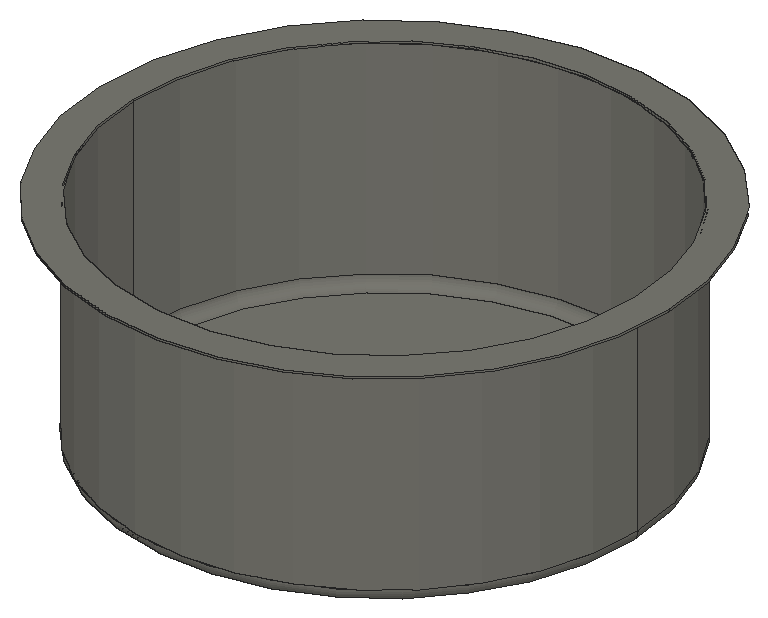
Revit family "BUILDMAT-SNCTGM31-Divya-MKII-450-Round-Sink-Gunmetal", category Plumbing Fixtures, host Face, Revit 2026
Family settings
  Host = Face
  Round Connector Dimension = Use Diameter
  Part Type = Normal
  Enable Cutting in Views = Yes
  Cut with Voids When Loaded = Yes
  Maintain Annotation Orientation = No
  Shared = No
  Room Calculation Point = No
Parameters
  Width = 450 mm
  Undermount [instance] = 0 mm
  Material = BUILDMAT Gunmetal
  Depth = 183 mm
  Default Elevation = 1219.2 mm
Reference planes
  plane 1 "Center (Front/Back)": y = 0
  plane 2: z = 0
  plane 3 "Center (Left/Right)": x = 0
  plane 4: x = -225
  plane 5: x = 225
  plane 6: y = 225
  plane 7: y = -225
  plane 8: x = -199
  plane 9: x = 199
  plane 10: y = 199
  plane 11: y = -199
  plane 12: x = -57
  plane 13: x = 57
  plane 14: x = -45
  plane 15: x = 45
  plane 16: y = -57
  plane 17: y = -46.5
  plane 18: y = 46.5
  plane 19: y = 57
  plane 20: z = -181.5
  plane 21 "Sink Rim Top": z = 1.5
  plane 22 "Sink Body Top": z = 0
  plane 23: z = -193.548
Forms (mm)
  Extrusion 1, void
    sketch origin (-225, -4572, 0) x (-1, 0, 0) y (0, -1, 0)
      loop
        circle (-225, -4572) r 200.5
    from -181.5 to 0
  Revolve 2, solid, material "BUILDMAT Gunmetal" <- "Material"
    sketch origin (0, 0, -20) x (1, 0, 0) y (0, 0, 1)
      loop
        line (-199, 20) -> (-200.5, 20) -> (-200.5, -143.548)
        arc (-200.5, -143.548) -> (-197.571, -150.62) -> (-190.5, -153.548) r 10
        line (-190.5, -153.548) -> (-57, -153.548) -> (-57, -152.048) -> (-190.5, -152.048)
        arc (-190.5, -152.048) -> (-196.51, -149.559) -> (-199, -143.548) r 8.5
        line (-199, -143.548) -> (-199, 20)
      axis (0, -153.548) -> (0, 20)
    angle from 0 to 360
  Sweep 3, solid, material "BUILDMAT Gunmetal" <- "Material"
    path in 3D
      loop
        arc (57, 0, -172.048) -> (0, 57, -172.048) -> (-57, 0, -172.048) r 57
        arc (-57, 0, -172.048) -> (0, -57, -172.048) -> (57, 0, -172.048) r 57
    profile origin (0, -57, -172.048) x (0, 1, 0) y (0, 0, 1)
      loop
        line (-1.5, 0) -> (-1.5, -1.953)
        arc (-1.5, -1.953) -> (0.696, -7.255) -> (5.998, -9.452) r 7.498
        line (5.998, -9.452) -> (10.5, -9.452) -> (10.5, -7.952) -> (5.998, -7.952)
        arc (5.998, -7.952) -> (1.757, -6.195) -> (0, -1.953) r 5.998
        line (0, -1.953) -> (0, 0) -> (-1.5, 0)
  Extrusion 4, solid, material "BUILDMAT Gunmetal" <- "Material"
    sketch origin (-225, -4572, 1.5) x (-1, 0, 0) y (0, -1, 0)
      loop
        circle (-225, -4572) r 225
      loop
        circle (-225, -4572) r 199
    from -1.5 to 0
  Extrusion 5, void
    sketch origin (-45, -4572, -193.548) x (0, -1, 0) y (-1, 0, 0)
      loop
        circle (-4572, -45) r 199
    from -193.548 to 0
Cuts and joins
  Extrusion 5 cuts Extrusion 4
Lines and regions (mm)
  sketch lines
    curve 1: arc (-57, 0, -172.048) -> (0, -57, -172.048) -> (57, 0, -172.048) r 57
    curve 2: arc (57, 0, -172.048) -> (0, 57, -172.048) -> (-57, 0, -172.048) r 57
Text (mm)
  text "Refer to www.buildmat.com.au for the most current product literature. \nAllow a +/- 5mm tolerance for dimensions shown in the product literature. \nPlease note product details are subject to change due to ongoing product development." at (0.056, -1035.857, 0), in view "Ref. Level"
Dimensions and locks
  plane 10 to plane 11 = 398 mm
  "Width": plane 6 to plane 7
  "Width": plane 4 to plane 5
  plane 8 to plane 9 = 398 mm
  plane 12 to plane 13 = 114 mm
  plane 14 to plane 15 = 90 mm
  equal spacing: plane 6, plane 1 "Center (Front/Back)", plane 7
  equal spacing: plane 4, plane 3 "Center (Left/Right)", plane 5
  equal spacing: plane 10, plane 1 "Center (Front/Back)", plane 11
  equal spacing: plane 8, plane 3 "Center (Left/Right)", plane 9
  "Undermount": host face to plane 22 "Sink Body Top"
  "Depth": plane 21 "Sink Rim Top" to plane 20
  plane 21 "Sink Rim Top" to plane 22 "Sink Body Top" = 1.5 mm
  plane 22 "Sink Body Top" to plane 20 = 181.5 mm
  aligned and locked: plane 2 to host face
  aligned and locked: level to host face
  aligned and locked: Revolve 2 to plane 22 "Sink Body Top"
Automatic sketch dimensions
  host sketch curve to host sketch curve = 2438.4 mm  (x2)
  Revolve 2 sketch curve to Revolve 2 sketch curve = 0 mm  (x2)
  Revolve 2 sketch curve to plane 8 = 0 mm
  plane 12 to Revolve 2 sketch curve = 0 mm
  Revolve 2 sketch curve to plane 3 "Center (Left/Right)" = 0 mm
  Revolve 2 sketch curve to plane 8 = 1.5 mm
  Revolve 2 sketch curve to Revolve 2 sketch curve = 8.5 mm
  plane 20 to Revolve 2 sketch curve = 17.952 mm
  plane 20 to Revolve 2 sketch curve = 7.952 mm
  Sweep 3 sketch curve to Sweep 3 sketch curve = 0 mm  (x2)
  Sweep 3 sketch curve to profile plane = 0 mm  (x2)
  Sweep 3 sketch curve to Sweep 3 sketch curve = 1.5 mm
  Sweep 3 sketch curve to profile plane = 5.998 mm
  Sweep 3 sketch curve to Sweep 3 sketch curve = 4.502 mm
  Sweep 3 sketch curve to profile plane = 1.953 mm
  Revolve 2 sketch curve to level = 0 mm
  Revolve 2 sketch curve to level = 18.5 mm
  Extrusion 4 sketch curve to Extrusion 4 sketch curve = 0 mm  (x2)
  plane 1 "Center (Front/Back)" to Extrusion 4 sketch curve = 0 mm
  Extrusion 4 sketch curve to plane 3 "Center (Left/Right)" = 0 mm
  plane 1 "Center (Front/Back)" to Extrusion 5 sketch curve = 0 mm
  Extrusion 5 sketch curve to plane 3 "Center (Left/Right)" = 0 mm
  radius of Extrusion 4 sketch curve = 225 mm
  radius of Extrusion 4 sketch curve = 199 mm
  radius of Extrusion 4 to Extrusion 1 sketch curve = 1.5 mm
  radius of Extrusion 5 sketch curve = 199 mm
